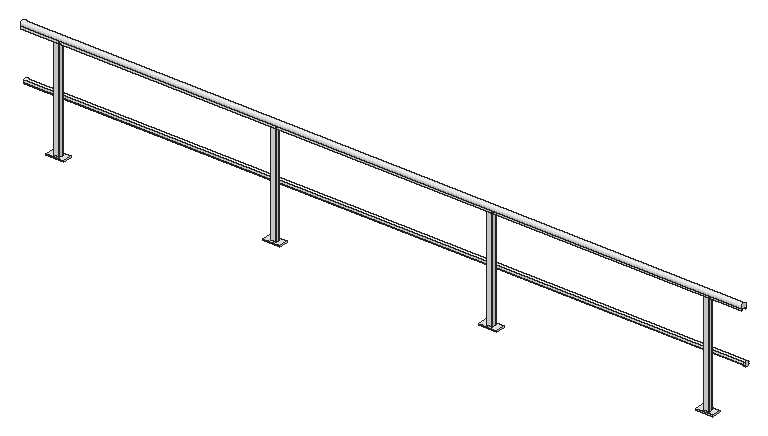
Revit family "Guardrail_Kattsafe_TopMount", category Specialty Equipment, Revit 2025
Family settings
  Round Connector Dimension = Use Diameter
  Part Type = Normal
  OmniClass Number = 23.17.25.11
  Enable Cutting in Views = No
  Cut with Voids When Loaded = No
  Maintain Annotation Orientation = No
  Shared = No
  Room Calculation Point = No
Parameters (values of type "Type 1")
  Uniclass2015Version = "Products v1.23"
  Uniclass2015Title = "Aluminium handrails"
  Uniclass2015Code = "Pr_25_30_36_03"
  URL = "https://kattsafe.com.au/"
  Type IFC Predefined Type = "GUARDRAIL"
  Type Comments = "Guardrail - Side Mount"
  SafetyDisclaimer [instance] = "WARNING! The correct placement of access, fall protection and facade maintenance systems is critical to ensure it is fit-for-purpose and safe for the operator to use. Did you know Kattsafe® have a dedicated team of Height Safety System Design Specialists? Kattsafe® provide one-on-one consultation and system design assistance to ensure you are meeting the stringent requirements of height safety and to give you PEACE OF MIND with your project."  # constant formula
  RailClosureBendEnd2 [instance] = no
  RailClosureBendEnd1 [instance] = no
  PostsSingleOption [instance] = if(and(([built-in parameter 1001306] - 56 mm - (PostsOffsetLength * 2)) < 1 mm, ([built-in parameter 1001306] - 56 mm) > 1999 mm), 1 > 0, 1 < 0)  # no
  PostsActualNumberOf [instance] = PostsOffsetLengthCalc3  # 4
  PostsOffsetLengthCalc3 [instance] = if(PostsOffsetLengthCalc > PostsOffsetLengthCalc2, rounddown(PostsOffsetLengthCalc2), PostsOffsetLengthCalc)  # 4
  PostsOffsetLengthCalc2 [instance] = (PostsOverallLength / PostsMaxSpacingLength) + 2  # 4.972
  PostsOffsetLengthCalc [instance] = (PostsOverallLength / PostsMaxSpacingLength) + 2  # 5
  PostsNumberOfCalc3 [instance] = if(and(PostsNumberOfCalc > PostsNumberOfCalc2, PostsOverallLength > PostsMaxSpacingLength * 2), rounddown(PostsNumberOfCalc2), if(PostsOverallLength < (PostsMaxSpacingLength * 2) + 1 mm, 2, PostsNumberOfCalc))  # 2
  PostsNumberOfCalc2 [instance] = (PostsOverallLength / PostsMaxSpacingLength)  # 2.972
  PostsNumberOfCalc [instance] = (PostsOverallLength / PostsMaxSpacingLength)  # 3
  PostsMaxSpacingLength = 2000 mm  # constant formula
  PostsHeight = if(1 = 1, ManufacturerOverallHeightCalc - 42 mm, 0 mm)  # 958 mm
  PostsArrayOption [instance] = if(([built-in parameter 1001306] - 56 mm - (PostsOffsetLength * 2)) < 1 mm, 1 < 0, 1 > 0)  # yes
  PostsOverallLength [instance] = if(1 = 1, [built-in parameter 1001306] - 56 mm, 0 mm)  # 5944 mm
  Material = Aluminum_Kattsafe_Satin
  ManufacturerOverallHeightCalc = if(ManufacturerOverallHeight < 900 mm, 900 mm, if(ManufacturerOverallHeight > 1000 mm, 1000 mm, ManufacturerOverallHeight))  # 1000 mm
  KneerailOffsetHeightCalc2 [instance] = if(KneerailOffsetHeight > 450 mm, 450 mm, KneerailOffsetHeight)  # 435 mm
  KneerailOffsetHeightCalc [instance] = if(or(RailClosureBendEnd1, RailClosureBendEnd2), 435 mm, KneerailOffsetHeightCalc2)  # 435 mm
  KneerailOffsetHeight [instance] = 435 mm
  PostsOffsetLength [instance] = PostsOverallLength / (PostsOffsetLengthCalc3 - 1)  # 1981.333 mm
  KneerailEnd2OverhangLengthCalc [instance] = if(RailClosureBendEnd2, 200 mm, HandrailEnd2OverhangLengthCalc + KneerailOffsetLengthEnd2)  # 300 mm
  KneerailOffsetLengthEnd2 [instance] = 0 mm
  KneerailEnd1OverhangLengthCalc [instance] = if(RailClosureBendEnd1, 200 mm, HandrailEnd1OverhangLengthCalc + KneerailOffsetLengthEnd1)  # 300 mm
  KneerailOffsetLengthEnd1 [instance] = 0 mm
  KneerailAngledOffsetHeight [instance] = KneerailOffsetHeightCalc + (-HandrailAngledOffsetHeight)  # 492 mm
  HandrailEnd2OverhangLengthCalc [instance] = if(RailClosureBendEnd2, 0 mm, HandrailOverhangLengthEnd2)  # 300 mm
  HandrailOverhangLengthEnd2 [instance] = 300 mm
  HandrailEnd1OverhangLengthCalc [instance] = if(RailClosureBendEnd1, 0 mm, HandrailOverhangLengthEnd1)  # 300 mm
  HandrailOverhangLengthEnd1 [instance] = 300 mm
  ModifiedIssue = 20240430
  Model = "GW1"
  ManufacturerURLProductSpecific = "https://kattsafe.com.au/products/guardrails-walkway/guardrail-only-gw"
  ManufacturerSpecCode = Model  # "GW1"
  ManufacturerOverallWidth = 80 mm  # constant formula
  ManufacturerOverallLength [instance] = [built-in parameter 1001306]  # 6000 mm
  ManufacturerOverallHeight = 1000 mm
  Manufacturer = "Kattsafe®"  # constant formula
  built-in parameter 1001306 [instance] = 6000 mm
  IfcExportType = "GUARDRAIL"
  IfcExportAs = "IfcRailing"
  HandrailClosureAngledOffsetHeight = -532 mm  # constant formula
  HandrailAngledOffsetHeight = -57 mm  # constant formula
  GuardrailHeight = ManufacturerOverallHeightCalc  # 1000 mm
  Export Type to IFC As = "IfcRailing"
  Description = "Kattsafe guardrail systems are the preferred method of safe access across roofs and areas close to a fall edge. The system requires no specialist PPE, personnel or training to safely prevent a fall with a walkway to designate a safe path of access across the roof surface."  # constant formula
  Default Elevation = 0 mm
  CreatedBy = "IGS BIM Solutions"  # constant formula
  CreatedByURL = "https://igsgroup.com.au"
  Assembly Code = "E1090100"
Reference planes
  plane 1 "Post_Back_Calc": y = -21
  plane 2 "Bottom": z = 0
  plane 3 "Left": x = 0
  plane 4 "Right": x = 6000
  plane 5 "Top": z = 1000
  plane 6 "Front": y = -80
  plane 7 "Post_Back": y = -21
  plane 8 "Post_Centre (Front/Back)": y = -40
  plane 9 "Kneerail_Top": z = 508
  plane 10 "Handrail_Bottom": z = 943
  plane 11 "Post_Array_Left": x = 2009.333
  plane 12 "Post_Array_Right": x = 3990.667
  plane 13 "Center (Left/Right)": x = 3000
  plane 14 "Post_Left_Centre (Left/Right)": x = 28
  plane 15 "Kneerail_Left": x = -300
  plane 16 "Post_Left": x = 0
  plane 17 "Handrail_Left": x = -300
  plane 18 "Post_Right_Centre (Left/Right)": x = 5972
  plane 19 "Kneerail_Right": x = 6300
  plane 20 "Post_Right": x = 6000
  plane 21 "Handrail_Right": x = 6300
  plane 22 "Post_Front": y = -59
  plane 23 "Left_Calc": x = 0
  plane 24 "Right_Calc": x = 6000
  plane 25 "PostReturn": y = 0
Lines and regions (mm)
  reference lines
    curve 1: line (0, -21, 0) -> (6000, -21, 0)
    curve 2: line (0, -21, 0) -> (0.961, -21, 0)
    curve 3: line (6000, -21, 0) -> (5998.961, -21, 0)
    curve 4: line (0, -59, 0) -> (0, -59, 1000)
Text (mm)
  text "Disclaimer:\nDue to ongoing product development and manufacturing \nevolution, product details are subject to change without \nnotice. Please refer to product technical data sheets on \nthe manufacturers website for the most current product \ninformation. Please allow a +/- 5mm manufacturing \ntolerance for dimensions and set-outs shown in product \nliterature." at (10123.265, 2704.9, 0), in view "Ref. Level"
Dimensions and locks
  "built-in parameter 1001306": plane 3 "Left" to plane 4 "Right"
  "ManufacturerOverallHeightCalc": plane 5 "Top" to plane 2 "Bottom"
  "KneerailOffsetHeightCalc": plane 10 "Handrail_Bottom" to plane 9 "Kneerail_Top"
  "PostsOffsetLength": plane 12 "Post_Array_Right" to plane 18 "Post_Right_Centre (Left/Right)"
  locked: plane 5 "Top" to plane 10 "Handrail_Bottom" at 57
  "PostsOffsetLength": plane 14 "Post_Left_Centre (Left/Right)" to plane 11 "Post_Array_Left"
  locked: plane 16 "Post_Left" to plane 14 "Post_Left_Centre (Left/Right)" at 28
  locked: plane 23 "Left_Calc" to plane 16 "Post_Left" at 0
  "HandrailEnd1OverhangLengthCalc": plane 17 "Handrail_Left" to plane 16 "Post_Left"
  "KneerailEnd1OverhangLengthCalc": plane 15 "Kneerail_Left" to plane 16 "Post_Left"
  locked: plane 20 "Post_Right" to plane 18 "Post_Right_Centre (Left/Right)" at 28
  equal spacing: plane 3 "Left", plane 13 "Center (Left/Right)", plane 4 "Right"
  locked: plane 20 "Post_Right" to plane 24 "Right_Calc" at 0
  "KneerailEnd2OverhangLengthCalc": plane 20 "Post_Right" to plane 19 "Kneerail_Right"
  "HandrailEnd2OverhangLengthCalc": plane 20 "Post_Right" to plane 21 "Handrail_Right"
  locked: curve 4 to nested 4 at 19
  locked: curve 4 to nested 5 at 38
  locked: curve 4 to nested 6 at 19
  locked: plane 3 "Left" to plane 23 "Left_Calc"
  locked: plane 24 "Right_Calc" to plane 4 "Right"
  locked: plane 22 "Post_Front" to plane 7 "Post_Back" at 38
  group 1 to group 2 = 1981.333 mm
  group 1 to group 2 = 0 mm  (x2)
  equal spacing: plane 22 "Post_Front", plane 8 "Post_Centre (Front/Back)", plane 7 "Post_Back"
  plane 1 "Post_Back_Calc" to plane 7 "Post_Back" = 0 mm
  "ManufacturerOverallWidth": plane 6 "Front" to plane 25 "PostReturn"
  plane 6 "Front" to plane 22 "Post_Front" = 21 mm
  aligned and locked: plane 4 "Right" to curve 1
  aligned and locked: plane 1 "Post_Back_Calc" to curve 1
  aligned and locked: plane 3 "Left" to curve 1
  aligned and locked: level to plane 2 "Bottom"
  aligned and locked: plane 4 "Right" to curve 3
  aligned and locked: plane 2 "Bottom" to nested 1
  aligned and locked: plane 2 "Bottom" to nested 2
  aligned and locked: plane 2 "Bottom" to curve 4
  aligned and locked: plane 22 "Post_Front" to curve 4
  aligned and locked: nested 6 to plane 17 "Handrail_Left"
  aligned and locked: plane 17 "Handrail_Left" to nested 4
  aligned and locked: plane 15 "Kneerail_Left" to nested 5
  aligned and locked: plane 19 "Kneerail_Right" to nested 5
  aligned and locked: plane 21 "Handrail_Right" to nested 4
  aligned and locked: plane 21 "Handrail_Right" to nested 7
  aligned and locked: plane 18 "Post_Right_Centre (Left/Right)" to nested 2
  aligned and locked: nested 3 to plane 11 "Post_Array_Left"
  aligned and locked: nested 1 to plane 14 "Post_Left_Centre (Left/Right)"
  aligned and locked: nested 8 to plane 11 "Post_Array_Left"
  aligned and locked: plane 2 "Bottom" to nested 8
  aligned and locked: nested 9 to plane 12 "Post_Array_Right"
  aligned and locked: plane 8 "Post_Centre (Front/Back)" to nested 1
  aligned and locked: plane 8 "Post_Centre (Front/Back)" to nested 8
  aligned and locked: plane 8 "Post_Centre (Front/Back)" to nested 3
  aligned and locked: plane 8 "Post_Centre (Front/Back)" to nested 9
  aligned and locked: plane 8 "Post_Centre (Front/Back)" to nested 2
Automatic sketch dimensions
  plane 3 "Left" to curve 2 = 0.961 mm
  curve 3 to plane 4 "Right" = 1.039 mm
  curve 2 to plane 3 "Left" = 0 mm
  plane 1 "Post_Back_Calc" to curve 3 = 0 mm
  plane 1 "Post_Back_Calc" to curve 2 = 0 mm
  curve 4 to plane 5 "Top" = 0 mm
Nested families
  nested 1: "z_Guardrail_TopMount_Kattsafe_Post" at (2.215, -59, 0) x (-1, 0, 0) z (0, 0, 1), ManufacturerOverallHeight <- "PostsHeight", Material <- "Material", type "GW351T"
    with Material Aluminum_Kattsafe_Satin, ManufacturerOverallHeight 958 mm, ManufacturerOverallDepth 80 mm
  nested 2: "z_Guardrail_TopMount_Kattsafe_Post" at (5946.215, -59, 0) x (-1, 0, 0) z (0, 0, 1), ManufacturerOverallHeight <- "PostsHeight", Material <- "Material", type "GW351T"
    with Material Aluminum_Kattsafe_Satin, ManufacturerOverallHeight 958 mm, ManufacturerOverallDepth 80 mm
  nested 3: "z_Guardrail_TopMount_Kattsafe_Post" at (1983.549, -59, 0) x (-1, 0, 0) z (0, 0, 1), ManufacturerOverallHeight <- "PostsHeight", visible <- "PostsSingleOption", Material <- "Material", type "GW351T"
    with Material Aluminum_Kattsafe_Satin, ManufacturerOverallHeight 958 mm, ManufacturerOverallDepth 80 mm
  nested 4: "z_Guardrail_Kattsafe_HandrailTube" at (-274.215, -40, 943), built-in parameter 1001364 <- "HandrailAngledOffsetHeight", Material <- "Material", type "GW374"
    with Material Aluminum_Kattsafe_Satin, ManufacturerOverallLength 6600 mm
  nested 5: "z_Guardrail_Kattsafe_KneerailTube" at (-274.215, -3.85, 508) x (1, 0, 0) z (0, 0, -1), built-in parameter 1001364 <- "KneerailAngledOffsetHeight", Material <- "Material", type "GW375"
    with Material Aluminum_Kattsafe_Satin, ManufacturerOverallLength 6600 mm
  nested 6: "z_Guardrail_Kattsafe_HandrailClosureBend" at (-674.215, -40, 468), built-in parameter 1001364 <- "HandrailClosureAngledOffsetHeight", visible <- "RailClosureBendEnd1", Material <- "Material", type "GW387"
    with Material Aluminum_Kattsafe_Satin, ManufacturerOverallLength 400 mm
  nested 7: "z_Guardrail_Kattsafe_HandrailClosureBend" at (6674.215, -40, 468) x (-1, 0, 0) z (0, 0, 1), built-in parameter 1001364 <- "HandrailClosureAngledOffsetHeight", visible <- "RailClosureBendEnd2", Material <- "Material", type "GW387"
    with Material Aluminum_Kattsafe_Satin, ManufacturerOverallLength 400 mm
  nested 8: "z_Guardrail_TopMount_Kattsafe_Post" at (1983.549, -59, 0) x (-1, 0, 0) z (0, 0, 1), ManufacturerOverallHeight <- "PostsHeight", visible <- "PostsArrayOption", Material <- "Material", type "GW351T"
    with Material Aluminum_Kattsafe_Satin, ManufacturerOverallHeight 958 mm, ManufacturerOverallDepth 80 mm
  nested 9: "z_Guardrail_TopMount_Kattsafe_Post" at (3964.882, -59, 0) x (-1, 0, 0) z (0, 0, 1), ManufacturerOverallHeight <- "PostsHeight", visible <- "PostsArrayOption", Material <- "Material", type "GW351T"
    with Material Aluminum_Kattsafe_Satin, ManufacturerOverallHeight 958 mm, ManufacturerOverallDepth 80 mm
Definition of nested family "z_Guardrail_TopMount_Kattsafe_Post"
  Parameters (values of type "GW351T")
    URL = "https://kattsafe.com.au/"
    Type Comments = ""
    ModifiedIssue = 20191004
    Model = "GW351T"
    Material [instance] = none
    ManufacturerURLProductSpecific = ""
    ManufacturerSpecCode = Model  # "GW351T"
    ManufacturerOverallWidth = 160 mm  # constant formula
    ManufacturerOverallHeight [instance] = 1058 mm
    ManufacturerOverallDepth [instance] = 80 mm  # constant formula
    Manufacturer = "SAYFA"  # constant formula
    Keynote = ""
    Description = "Sentry Top Mount Guardrail Post"
    Default Elevation = 0 mm  # constant formula
    CreatedBy = "IGS BIM Solutions"  # constant formula
    CreatedByURL = "https://igsgroup.com.au"
  Reference planes
    plane 1 "Bottom": z = 0
    plane 2 "Post_Back": y = 0
    plane 3 "Post_Front": y = -38
    plane 4 "Center (Left/Right)": x = -25.785
    plane 5 "Top": z = 1058
    plane 6 "Post_Right": x = 2.215
    plane 7 "Post_Left": x = -53.785
    plane 8 "Front": y = -59
    plane 9 "Post_Centre (Front/Back)": y = -19
    plane 10 "Left": x = -105.785
    plane 11 "Right": x = 54.215
    plane 12 "Back": y = 21
  Forms (mm)
    Extrusion 1, solid, material <- "Material"
      sketch origin (0, 0, 0) x (1, 0, 0) y (0, 1, 0)
        loop
          arc (-48.785, 0) -> (-52.32, -1.464) -> (-53.785, -5) r 5
          line (-53.785, -5) -> (-53.785, -33)
          arc (-53.785, -33) -> (-52.32, -36.536) -> (-48.785, -38) r 5
          line (-48.785, -38) -> (-2.785, -38)
          arc (-2.785, -38) -> (0.751, -36.536) -> (2.215, -33) r 5
          line (2.215, -33) -> (2.215, -5)
          arc (2.215, -5) -> (0.751, -1.464) -> (-2.785, 0) r 5
          line (-2.785, 0) -> (-48.785, 0)
      from 0 to 1058
    Extrusion 2, solid, material <- "Material"
      sketch origin (0, 0, 0) x (1, 0, 0) y (0, 1, 0)
        loop
          line (-105.785, 21) -> (-105.785, -59) -> (54.215, -59) -> (54.215, 21) -> (-105.785, 21)
      from 0 to 11
  Cuts and joins
    joined: Extrusion 1, Extrusion 2
  Dimensions and locks
    "ManufacturerOverallHeight": plane 5 "Top" to plane 1 "Bottom"
    locked: plane 7 "Post_Left" to plane 6 "Post_Right" at 56
    "ManufacturerOverallDepth": plane 12 "Back" to plane 8 "Front"
    equal spacing: plane 7 "Post_Left", plane 4 "Center (Left/Right)", plane 6 "Post_Right"
    equal spacing: plane 3 "Post_Front", plane 9 "Post_Centre (Front/Back)", plane 2 "Post_Back"
    equal spacing: plane 10 "Left", plane 4 "Center (Left/Right)", plane 11 "Right"
    "ManufacturerOverallWidth": plane 10 "Left" to plane 11 "Right"
    locked: plane 2 "Post_Back" to plane 3 "Post_Front" at 38
    equal spacing: plane 12 "Back", plane 9 "Post_Centre (Front/Back)", plane 8 "Front"
    radius of Extrusion 1 sketch curve = 5 mm  (x4)
    aligned and locked: level to plane 1 "Bottom"
    aligned and locked: plane 7 "Post_Left" to Extrusion 1 sketch curve
    aligned and locked: plane 6 "Post_Right" to Extrusion 1 sketch curve
    aligned and locked: plane 2 "Post_Back" to Extrusion 1 sketch curve
    aligned and locked: plane 3 "Post_Front" to Extrusion 1 sketch curve
    aligned and locked: Extrusion 1 to plane 1 "Bottom"
    aligned and locked: Extrusion 1 to plane 5 "Top"
    aligned and locked: cut or joined group of Extrusion 1, Extrusion 2 to plane 10 "Left"
    aligned and locked: cut or joined group of Extrusion 1, Extrusion 2 to plane 11 "Right"
    aligned and locked: cut or joined group of Extrusion 1, Extrusion 2 to plane 8 "Front"
    aligned and locked: plane 12 "Back" to cut or joined group of Extrusion 1, Extrusion 2
  Automatic sketch dimensions
    Extrusion 2 sketch curve to plane 3 "Post_Front" = 21 mm
    Extrusion 2 sketch curve to plane 10 "Left" = 0 mm
    Extrusion 2 sketch curve to plane 11 "Right" = 0 mm
    Extrusion 2 sketch curve to plane 2 "Post_Back" = 21 mm
Definition of nested family "z_Guardrail_Kattsafe_HandrailTube"
  Parameters (values of type "GW374")
    URL = "https://kattsafe.com.au/"
    Type Comments = ""
    ModifiedIssue = 20190911
    Model = "GW374"
    Material [instance] = none
    ManufacturerURLProductSpecific = ""
    ManufacturerSpecCode = Model  # "GW374"
    ManufacturerOverallWidth = 50 mm  # constant formula
    ManufacturerOverallLength [instance] = 6000 mm
    ManufacturerOverallHeight = 57 mm  # constant formula
    Manufacturer = "SAYFA"  # constant formula
    Keynote = ""
    Description = "Sentry Handrail Tube"
    Default Elevation = 0 mm  # constant formula
    CreatedBy = "IGS BIM Solutions"  # constant formula
    CreatedByURL = "https://igsgroup.com.au"
  Reference planes
    plane 1 "Bottom": z = 0
    plane 2 "Center (Front/Back)": y = 0
    plane 3 "Front": y = -25
    plane 4 "Left": x = -25.785
    plane 5 "Center (Left/Right)": x = 2974.215
    plane 6 "Top": z = 57
    plane 7 "Right": x = 5974.215
    plane 8 "Back": y = 25
    plane 9 "Rail_Top": z = 15
  Forms (mm)
    Extrusion 1, solid, material <- "Material"
      sketch origin (-25.785, 0, 0) x (0, 1, 0) y (0, 0, 1)
        loop
          arc (21, 18.435) -> (0, 57) -> (-21, 18.435) r 25
          line (-21, 18.435) -> (-21, 0) -> (-20, 0) -> (-20, 15) -> (20, 15) -> (20, 0) -> (21, 0) -> (21, 18.435)
      from 0 to 6000
  Dimensions and locks
    "ManufacturerOverallWidth": plane 8 "Back" to plane 3 "Front"
    "ManufacturerOverallHeight": plane 6 "Top" to plane 1 "Bottom"
    equal spacing: plane 4 "Left", plane 5 "Center (Left/Right)", plane 7 "Right"
    "ManufacturerOverallLength": plane 4 "Left" to plane 7 "Right"
    equal spacing: plane 8 "Back", plane 2 "Center (Front/Back)", plane 3 "Front"
    locked: plane 9 "Rail_Top" to plane 1 "Bottom" at 15
    aligned and locked: plane 1 "Bottom" to level
    aligned and locked: Extrusion 1 sketch curve to plane 1 "Bottom"  (x2)
    aligned and locked: Extrusion 1 to plane 4 "Left"
    aligned and locked: Extrusion 1 to plane 7 "Right"
  Automatic sketch dimensions
    Extrusion 1 sketch curve to plane 2 "Center (Front/Back)" = 0 mm
    Extrusion 1 sketch curve to Extrusion 1 sketch curve = 3.435 mm
    Extrusion 1 sketch curve to plane 9 "Rail_Top" = 3.435 mm
    Extrusion 1 sketch curve to Extrusion 1 sketch curve = 1 mm  (x2)
    plane 3 "Front" to Extrusion 1 sketch curve = 5 mm
    Extrusion 1 sketch curve to plane 9 "Rail_Top" = 17 mm
    plane 9 "Rail_Top" to Extrusion 1 sketch curve = 0 mm
Definition of nested family "z_Guardrail_Kattsafe_KneerailTube"
  Parameters (values of type "GW375")
    URL = "https://kattsafe.com.au/"
    Type Comments = ""
    ModifiedIssue = 20190911
    Model = "GW375"
    Material [instance] = none
    ManufacturerURLProductSpecific = ""
    ManufacturerSpecCode = Model  # "GW375"
    ManufacturerOverallWidth = 34.3 mm  # constant formula
    ManufacturerOverallLength [instance] = 6000 mm
    ManufacturerOverallHeight = 40 mm  # constant formula
    Manufacturer = "SAYFA"  # constant formula
    Keynote = ""
    Description = "Sentry Kneerail Tube"
    Default Elevation = 0 mm  # constant formula
    CreatedBy = "IGS BIM Solutions"  # constant formula
    CreatedByURL = "https://igsgroup.com.au"
  Reference planes
    plane 1 "Bottom": z = 0
    plane 2 "Center (Front/Back)": y = 1.438
    plane 3 "Front": y = -17.15
    plane 4 "Left": x = -25.785
    plane 5 "Center (Left/Right)": x = 2974.215
    plane 6 "Top": z = 40
    plane 7 "Right": x = 5974.215
    plane 8 "Back": y = 17.15
    plane 9 "Center (Elevation)": z = 20
  Forms (mm)
    Extrusion 1, solid, material <- "Material"
      sketch origin (2974.215, 0, 0) x (0, 1, 0) y (0, 0, -1)
        loop
          line (17.15, -32.374) -> (17.15, -7.626)
          arc (17.15, -7.626) -> (-1.443, -0.208) -> (-17.15, -12.617) r 20
          line (-17.15, -12.617) -> (-13.15, -12.617) -> (-13.15, -27.383) -> (-17.15, -27.383)
          arc (-17.15, -27.383) -> (-1.443, -39.792) -> (17.15, -32.374) r 20
      from -3000 to 3000
  Dimensions and locks
    "ManufacturerOverallWidth": plane 8 "Back" to plane 3 "Front"
    "ManufacturerOverallHeight": plane 6 "Top" to plane 1 "Bottom"
    equal spacing: plane 4 "Left", plane 5 "Center (Left/Right)", plane 7 "Right"
    "ManufacturerOverallLength": plane 4 "Left" to plane 7 "Right"
    equal spacing: plane 6 "Top", plane 9 "Center (Elevation)", plane 1 "Bottom"
    aligned and locked: plane 1 "Bottom" to level
    aligned and locked: Extrusion 1 to plane 7 "Right"
    aligned and locked: Extrusion 1 to plane 4 "Left"
  Automatic sketch dimensions
    Extrusion 1 sketch curve to Extrusion 1 sketch curve = 0 mm  (x2)
    Extrusion 1 sketch curve to plane 3 "Front" = 0 mm  (x2)
    Extrusion 1 sketch curve to plane 2 "Center (Front/Back)" = 0 mm
    Extrusion 1 sketch curve to plane 8 "Back" = 0 mm
    plane 9 "Center (Elevation)" to Extrusion 1 sketch curve = 0 mm
    Extrusion 1 sketch curve to Extrusion 1 sketch curve = 4 mm
    Extrusion 1 sketch curve to plane 9 "Center (Elevation)" = 7.383 mm
    plane 9 "Center (Elevation)" to Extrusion 1 sketch curve = 7.383 mm
Definition of nested family "z_Guardrail_Kattsafe_HandrailClosureBend"
  Parameters (values of type "GW387")
    URL = "https://kattsafe.com.au/"
    Type Comments = ""
    ModifiedIssue = 20190917
    Model = "GW387"
    Material [instance] = none
    ManufacturerURLProductSpecific = ""
    ManufacturerSpecCode = Model  # "GW387"
    ManufacturerOverallWidth = 50 mm  # constant formula
    ManufacturerOverallLength [instance] = 400 mm  # constant formula
    ManufacturerOverallHeight = 532 mm  # constant formula
    Manufacturer = "SAYFA"  # constant formula
    Keynote = ""
    Description = "Handrail Closure Bend"
    Default Elevation = 0 mm  # constant formula
    CreatedBy = "IGS BIM Solutions"  # constant formula
    CreatedByURL = "https://igsgroup.com.au"
  Reference planes
    plane 1 "Bottom": z = 0
    plane 2 "Center (Front/Back)": y = 0
    plane 3 "Front": y = -25
    plane 4 "Left": x = -25.785
    plane 5 "Center (Left/Right)": x = 174.215
    plane 6 "Top": z = 532
    plane 7 "Right": x = 374.215
    plane 8 "Handrail_Back": y = 25
    plane 9 "Kneerail_Centre (Front/Back)": y = 34.7
    plane 10 "Kneerail_Centre (Elevation)": z = 20
    plane 11 "Handrail_Centre (Elevation)": z = 507
    plane 12 "Back": y = 59.69
  Forms (mm)
    Sweep 1, solid, material <- "Material"
      path origin (0, 36.034, 1.282) x (1, 0, 0) y (0, -0.071072, 0.997471)
        loop
          line (374.215, 532) -> (74.215, 532)
          arc (74.215, 532) -> (3.505, 502.711) -> (-25.785, 432) r 100
          line (-25.785, 432) -> (-25.785, 93.9)
          arc (-25.785, 93.9) -> (3.505, 23.189) -> (74.215, -6.1) r 100
          line (74.215, -6.1) -> (164.215, -6.1)
      profile origin (224.215, -1.777, 531.937) x (0, 0.071072, -0.997471) y (0, -0.997471, -0.071072)
        loop
          circle (25, 0) r 25
    SweptBlend 2, solid, material <- "Material"
      path origin (0, 34.7, 0) x (-1, 0, 0) y (0, 0, 1)
        loop
          line (-164.215, 20) -> (-174.215, 20)
      profile origin (164.215, 34.7, 20) x (0, 0, 1) y (0, -1, 0)
        loop
          circle (0, 0) r 25
      end profile origin (174.215, 34.7, 20) x (0, 0, 1) y (0, -1, 0)
        loop
          circle (0, 0) r 20
  Lines and regions (mm)
    symbolic lines
      curve 1: circle (374.215, 34.7, 20) r 25 normal (1, 0, 0)
  Dimensions and locks
    "ManufacturerOverallWidth": plane 8 "Handrail_Back" to plane 3 "Front"
    "ManufacturerOverallHeight": plane 6 "Top" to plane 1 "Bottom"
    equal spacing: plane 4 "Left", plane 5 "Center (Left/Right)", plane 7 "Right"
    "ManufacturerOverallLength": plane 4 "Left" to plane 7 "Right"
    equal spacing: plane 8 "Handrail_Back", plane 2 "Center (Front/Back)", plane 3 "Front"
    locked: plane 2 "Center (Front/Back)" to plane 9 "Kneerail_Centre (Front/Back)" at 34.7
    locked: profile plane to Sweep 1 sketch curve at 25
    Sweep 1 sketch curve to plane 5 "Center (Left/Right)" = 10 mm
    locked: plane 12 "Back" to plane 3 "Front" at 84.69
    radius of Sweep 1 sketch curve = 100 mm  (x2)
    radius of SweptBlend 2 sketch curve = 25 mm
    radius of SweptBlend 2 sketch curve = 20 mm
    aligned and locked: plane 1 "Bottom" to level
    aligned and locked: Sweep 1 sketch curve to plane 4 "Left"
    aligned and locked: profile plane to Sweep 1 sketch curve
    aligned and locked: plane 10 "Kneerail_Centre (Elevation)" to SweptBlend 2 sketch curve
    aligned and locked: profile plane to SweptBlend 2 sketch curve  (x4)
  Automatic sketch dimensions
    curve 1 to plane 9 "Kneerail_Centre (Front/Back)" = 0 mm
    plane 10 "Kneerail_Centre (Elevation)" to curve 1 = 0 mm
    Sweep 1 sketch curve to plane 7 "Right" = 0 mm
    Sweep 1 sketch curve to Sweep 1 sketch curve = 338.1 mm
    plane 5 "Center (Left/Right)" to SweptBlend 2 sketch curve = 0 mm
    SweptBlend 2 sketch curve to plane 5 "Center (Left/Right)" = 10 mm
    radius of curve 1 = 25 mm
    radius of Sweep 1 sketch curve = 25 mm
